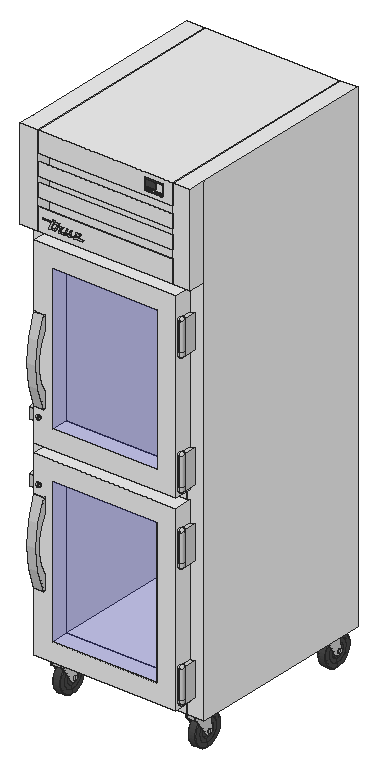
Revit family (continued)
Automatic sketch dimensions
  level to Extrusion 28 sketch curve = 2.18736"  (x2)
  Extrusion 28 sketch curve to Extrusion 28 sketch curve = 1.7492"
  Extrusion 28 sketch curve to Extrusion 28 sketch curve = 0.50669"  (x2)
  Extrusion 28 sketch curve to Extrusion 28 sketch curve = 2 1/2"
  level to Extrusion 28 sketch curve = 2.59003"
  Extrusion 28 sketch curve to Extrusion 28 sketch curve = 0.59966"  (x2)
  plane 1 "BACK" to Extrusion 28 sketch curve = 3.8577"
  plane 1 "BACK" to Extrusion 28 sketch curve = 1.8585"
  plane 1 "BACK" to Extrusion 28 sketch curve = 1.1077"
  Extrusion 28 sketch curve to Extrusion 28 sketch curve = 0.32905"
  Extrusion 28 sketch curve to Extrusion 28 sketch curve = 0.60485"  (x2)
  Revolve 29 sketch curve to plane 7 = 0.62954"
  Revolve 29 sketch curve to plane 4 "RIGHT" = 4.14082"
  Revolve 29 sketch curve to Revolve 29 sketch curve = 1.29707"
  Revolve 29 sketch curve to Revolve 29 sketch curve = 0"
  Revolve 29 sketch curve to Revolve 29 sketch curve = 0.10278"
  Revolve 29 sketch curve to plane 7 = 0.00141"
  plane 7 to Revolve 29 sketch curve = 0.26768"
  Revolve 30 sketch curve to level = 0"
  Revolve 30 sketch curve to plane 7 = 0"
  Revolve 30 sketch curve to plane 4 "RIGHT" = 4.17713"
  level to Revolve 30 sketch curve = 1"
  Revolve 30 sketch curve to plane 4 "RIGHT" = 3 19/32"
  Revolve 30 sketch curve to Revolve 30 sketch curve = 1/4"
  Revolve 30 sketch curve to Revolve 30 sketch curve = 1/2"
  Revolve 30 sketch curve to Revolve 30 sketch curve = 0"
  Revolve 30 sketch curve to Revolve 30 sketch curve = 5/8"
  plane 7 to Revolve 30 sketch curve = 1 25/32"
  Revolve 31 sketch curve to level = 0"
  Revolve 31 sketch curve to plane 7 = 0"
  Revolve 31 sketch curve to plane 4 "RIGHT" = 4.17713"
  level to Revolve 31 sketch curve = 1"
  Revolve 31 sketch curve to plane 4 "RIGHT" = 3 19/32"
  Revolve 31 sketch curve to Revolve 31 sketch curve = 1/4"
  Revolve 31 sketch curve to Revolve 31 sketch curve = 1/2"
  Revolve 31 sketch curve to Revolve 31 sketch curve = 0"
  Revolve 31 sketch curve to Revolve 31 sketch curve = 5/8"
  plane 7 to Revolve 31 sketch curve = 1 25/32"
  Revolve 32 sketch curve to plane 7 = 0.62954"
  Revolve 32 sketch curve to plane 4 "RIGHT" = 4.14082"
  Revolve 32 sketch curve to Revolve 32 sketch curve = 1.29707"
  Revolve 32 sketch curve to Revolve 32 sketch curve = 0"
  Revolve 32 sketch curve to Revolve 32 sketch curve = 0.10278"
  Revolve 32 sketch curve to plane 7 = 0.00141"
  plane 7 to Revolve 32 sketch curve = 0.26768"
  Extrusion 33 sketch curve to plane 7 = 0.63926"  (x2)
  Extrusion 33 sketch curve to plane 5 "FRONT" = 3.79864"
  Extrusion 33 sketch curve to Extrusion 33 sketch curve = 1/4"  (x2)
  Extrusion 33 sketch curve to Extrusion 33 sketch curve = 2 1/2"
  Extrusion 33 sketch curve to plane 7 = 0.93273"  (x2)
  Extrusion 33 sketch curve to Extrusion 33 sketch curve = 0.03603"
  plane 1 "BACK" to Extrusion 33 sketch curve = 3.8577"
  Extrusion 33 sketch curve to plane 7 = 1.24411"
  plane 1 "BACK" to Extrusion 33 sketch curve = 1.1077"
  Revolve 34 sketch curve to plane 4 "RIGHT" = 4.35148"
  Revolve 34 sketch curve to Revolve 34 sketch curve = 0.48273"
  Revolve 34 sketch curve to Revolve 34 sketch curve = 0.4"
  Revolve 34 sketch curve to Revolve 34 sketch curve = 0"  (x2)
  Revolve 34 sketch curve to Revolve 34 sketch curve = 0.1"  (x2)
  Revolve 34 sketch curve to Revolve 34 sketch curve = 0.16101"
  Revolve 34 sketch curve to Revolve 34 sketch curve = 0.75408"
  Revolve 34 sketch curve to Revolve 34 sketch curve = 0.92798"
  Revolve 34 sketch curve to Revolve 34 sketch curve = 0.06101"
  Revolve 34 sketch curve to Revolve 34 sketch curve = 1/2"
  Revolve 34 sketch curve to Revolve 34 sketch curve = 0.16509"
  Revolve 34 sketch curve to Revolve 34 sketch curve = 0.39592"
  level to Revolve 34 sketch curve = 2 1/2"
  Revolve 34 sketch curve to Revolve 34 sketch curve = 0.29941"  (x2)
  Revolve 34 sketch curve to Revolve 34 sketch curve = 3/4"  (x4)
  Revolve 34 sketch curve to Revolve 34 sketch curve = 0.59652"
  Revolve 34 sketch curve to Revolve 34 sketch curve = 0.60059"
  plane 3 "LEFT" to Revolve 35 sketch curve = 1.33602"
  Revolve 35 sketch curve to Revolve 35 sketch curve = 0.48273"
  Revolve 35 sketch curve to plane 8 = 5/8"  (x2)
  Revolve 35 sketch curve to Revolve 35 sketch curve = 0.1"  (x2)
  Revolve 35 sketch curve to Revolve 35 sketch curve = 0.16101"
  plane 8 to Revolve 35 sketch curve = 0.12908"
  plane 8 to Revolve 35 sketch curve = 0.46399"
  plane 8 to Revolve 35 sketch curve = 0.525"
  Revolve 35 sketch curve to Revolve 35 sketch curve = 1/2"
  Revolve 35 sketch curve to Revolve 35 sketch curve = 0.16509"
  Revolve 35 sketch curve to Revolve 35 sketch curve = 0.39592"
  level to Revolve 35 sketch curve = 2 1/2"
  Revolve 35 sketch curve to Revolve 35 sketch curve = 0"
  Revolve 35 sketch curve to Revolve 35 sketch curve = 0.29941"  (x2)
  Revolve 35 sketch curve to Revolve 35 sketch curve = 3/4"  (x4)
  Revolve 35 sketch curve to Revolve 35 sketch curve = 0.59652"
  Revolve 35 sketch curve to Revolve 35 sketch curve = 0.60059"
  Extrusion 36 sketch curve to plane 7 = 0.63926"  (x2)
  Extrusion 36 sketch curve to plane 5 "FRONT" = 3.79864"
  Extrusion 36 sketch curve to Extrusion 36 sketch curve = 1/4"  (x2)
  level to Extrusion 36 sketch curve = 2.18736"  (x2)
  Extrusion 36 sketch curve to Extrusion 36 sketch curve = 1.7492"
  Extrusion 36 sketch curve to Extrusion 36 sketch curve = 0.50669"  (x2)
  Extrusion 36 sketch curve to Extrusion 36 sketch curve = 2 1/2"
  level to Extrusion 36 sketch curve = 2.59003"
  Extrusion 36 sketch curve to Extrusion 36 sketch curve = 0.59966"  (x2)
  plane 1 "BACK" to Extrusion 36 sketch curve = 3.8577"
  plane 1 "BACK" to Extrusion 36 sketch curve = 1.8585"
  plane 1 "BACK" to Extrusion 36 sketch curve = 1.1077"
  Extrusion 36 sketch curve to Extrusion 36 sketch curve = 0.32905"
  Extrusion 36 sketch curve to Extrusion 36 sketch curve = 0.60485"  (x2)
  Extrusion 37 sketch curve to plane 7 = 0.63926"  (x2)
  Extrusion 37 sketch curve to plane 5 "FRONT" = 3.79864"
  Extrusion 37 sketch curve to Extrusion 37 sketch curve = 1/4"  (x2)
  level to Extrusion 37 sketch curve = 2.18736"  (x2)
  Extrusion 37 sketch curve to Extrusion 37 sketch curve = 1.7492"
  Extrusion 37 sketch curve to Extrusion 37 sketch curve = 0.50669"  (x2)
  Extrusion 37 sketch curve to Extrusion 37 sketch curve = 2 1/2"
  level to Extrusion 37 sketch curve = 2.59003"
  Extrusion 37 sketch curve to Extrusion 37 sketch curve = 0.59966"  (x2)
  plane 1 "BACK" to Extrusion 37 sketch curve = 3.8577"
  plane 1 "BACK" to Extrusion 37 sketch curve = 1.8585"
  plane 1 "BACK" to Extrusion 37 sketch curve = 1.1077"
  Extrusion 37 sketch curve to Extrusion 37 sketch curve = 0.32905"
  Extrusion 37 sketch curve to Extrusion 37 sketch curve = 0.60485"  (x2)
  Revolve 38 sketch curve to plane 8 = 0"  (x2)
  Revolve 38 sketch curve to plane 7 = 0.62954"
  Revolve 38 sketch curve to plane 8 = 1.29707"
  Revolve 38 sketch curve to Revolve 38 sketch curve = 0.10278"
  Revolve 38 sketch curve to plane 7 = 0.00141"
  plane 7 to Revolve 38 sketch curve = 0.26768"
  Revolve 39 sketch curve to level = 0"
  Revolve 39 sketch curve to plane 8 = 0"  (x2)
  Revolve 39 sketch curve to plane 8 = 1/2"
  Revolve 39 sketch curve to Revolve 39 sketch curve = 1/4"
  Revolve 39 sketch curve to plane 7 = 0"
  Revolve 39 sketch curve to plane 8 = 1.33338"
  level to Revolve 39 sketch curve = 1"
  Revolve 39 sketch curve to Revolve 39 sketch curve = 5/8"
  plane 7 to Revolve 39 sketch curve = 1 25/32"
  Revolve 40 sketch curve to level = 0"
  Revolve 40 sketch curve to plane 8 = 0"  (x2)
  Revolve 40 sketch curve to plane 8 = 1/2"
  Revolve 40 sketch curve to Revolve 40 sketch curve = 1/4"
  Revolve 40 sketch curve to plane 7 = 0"
  Revolve 40 sketch curve to plane 8 = 1.33338"
  level to Revolve 40 sketch curve = 1"
  Revolve 40 sketch curve to Revolve 40 sketch curve = 5/8"
  plane 7 to Revolve 40 sketch curve = 1 25/32"
  Revolve 41 sketch curve to plane 8 = 0"  (x2)
  Revolve 41 sketch curve to plane 7 = 0.62954"
  Revolve 41 sketch curve to plane 8 = 1.29707"
  Revolve 41 sketch curve to Revolve 41 sketch curve = 0.10278"
  Revolve 41 sketch curve to plane 7 = 0.00141"
  plane 7 to Revolve 41 sketch curve = 0.26768"
  Extrusion 42 sketch curve to plane 7 = 0.63926"  (x2)
  Extrusion 42 sketch curve to plane 5 "FRONT" = 3.79864"
  Extrusion 42 sketch curve to Extrusion 42 sketch curve = 1/4"  (x2)
  Extrusion 42 sketch curve to Extrusion 42 sketch curve = 2 1/2"
  Extrusion 42 sketch curve to plane 7 = 0.93273"  (x2)
  Extrusion 42 sketch curve to Extrusion 42 sketch curve = 0.03603"
  plane 1 "BACK" to Extrusion 42 sketch curve = 3.8577"
  Extrusion 42 sketch curve to plane 7 = 1.24411"
  plane 1 "BACK" to Extrusion 42 sketch curve = 1.1077"
  plane 3 "LEFT" to Revolve 43 sketch curve = 1.33602"
  Revolve 43 sketch curve to Revolve 43 sketch curve = 0.48273"
  Revolve 43 sketch curve to plane 8 = 5/8"  (x2)
  Revolve 43 sketch curve to Revolve 43 sketch curve = 0.1"  (x2)
  Revolve 43 sketch curve to Revolve 43 sketch curve = 0.16101"
  plane 8 to Revolve 43 sketch curve = 0.12908"
  plane 8 to Revolve 43 sketch curve = 0.46399"
  plane 8 to Revolve 43 sketch curve = 0.525"
  Revolve 43 sketch curve to Revolve 43 sketch curve = 1/2"
  Revolve 43 sketch curve to Revolve 43 sketch curve = 0.16509"
  Revolve 43 sketch curve to Revolve 43 sketch curve = 0.39592"
  level to Revolve 43 sketch curve = 2 1/2"
  Revolve 43 sketch curve to Revolve 43 sketch curve = 0"
  Revolve 43 sketch curve to Revolve 43 sketch curve = 0.29941"  (x2)
  Revolve 43 sketch curve to Revolve 43 sketch curve = 3/4"  (x4)
  Revolve 43 sketch curve to Revolve 43 sketch curve = 0.59652"
  Revolve 43 sketch curve to Revolve 43 sketch curve = 0.60059"
  plane 5 "FRONT" to Extrusion 44 sketch curve = 0"
  Extrusion 44 sketch curve to plane 8 = 9/16"
  Extrusion 44 sketch curve to plane 4 "RIGHT" = 2 9/32"
  plane 8 to Extrusion 45 sketch curve = 2 7/16"  (x2)
  Extrusion 45 sketch curve to plane 4 "RIGHT" = 5 9/32"  (x2)
  plane 7 to Extrusion 45 sketch curve = 4 29/32"
  Extrusion 45 sketch curve to Extrusion 45 sketch curve = 23 7/32"
  Extrusion 45 sketch curve to Extrusion 45 sketch curve = 7 1/2"
  Extrusion 45 sketch curve to plane 6 "TOP" = 19 5/32"
  Extrusion 46 sketch curve to plane 8 = 0"
  Extrusion 46 sketch curve to plane 5 "FRONT" = 5.09023"
  Extrusion 47 sketch curve to plane 8 = 0"
  plane 1 "BACK" to Extrusion 47 sketch curve = 2.69102"
  Extrusion 48 sketch curve to plane 4 "RIGHT" = 2 27/32"
  plane 1 "BACK" to Extrusion 48 sketch curve = 2.69102"
  Extrusion 49 sketch curve to plane 4 "RIGHT" = 2 27/32"
  Extrusion 49 sketch curve to plane 5 "FRONT" = 5.09023"
  plane 5 "FRONT" to Extrusion 51 sketch curve = 0.2"  (x2)
  plane 5 "FRONT" to Extrusion 51 sketch curve = 0"  (x2)
  Extrusion 51 sketch curve to plane 5 "FRONT" = 7.77899"
  Extrusion 51 sketch curve to Extrusion 51 sketch curve = 7.30945"
  plane 7 to Extrusion 51 sketch curve = 11.69792"
  Extrusion 51 sketch curve to Extrusion 51 sketch curve = 2.4"
  Extrusion 51 sketch curve to Extrusion 51 sketch curve = 4.4"
  Extrusion 51 sketch curve to Extrusion 51 sketch curve = 0"
  plane 8 to Extrusion 52 sketch curve = 0.1984"
  plane 8 to Extrusion 52 sketch curve = 7/32"
  Extrusion 52 sketch curve to Extrusion 52 sketch curve = 0.0555"
  plane 7 to Extrusion 52 sketch curve = 26.53865"
  Extrusion 52 sketch curve to Extrusion 52 sketch curve = 0.27385"
  Extrusion 52 sketch curve to Extrusion 52 sketch curve = 0.29355"
  Blend 53 sketch curve to plane 8 = 9/16"  (x2)
  Blend 53 sketch curve to Blend 53 sketch curve = 3/4"
  plane 7 to Blend 53 sketch curve = 27.75831"
  Blend 53 sketch curve to Blend 53 sketch curve = 1 3/4"
  Blend 53 sketch curve to Blend 53 sketch curve = 0.93223"
  plane 7 to Blend 53 sketch curve = 28.3559"
  Blend 53 sketch curve to Blend 53 sketch curve = 2.78233"
  Extrusion 3 sketch curve to plane 9 = 0"  (x4)
  plane 9 to Extrusion 3 sketch curve = 2.7042"  (x2)
  Extrusion 3 sketch curve to plane 6 "TOP" = 0"
  plane 9 to Extrusion 3 sketch curve = 2.2042"
  Extrusion 3 sketch curve to Extrusion 3 sketch curve = 0"  (x3)
  Extrusion 3 sketch curve to Extrusion 3 sketch curve = 1/2"
  Extrusion 3 sketch curve to Extrusion 3 sketch curve = 1"  (x2)
  plane 1 "BACK" to Extrusion 3 sketch curve = 2"
  plane 1 "BACK" to Extrusion 3 sketch curve = 0"
  Extrusion 3 sketch curve to plane 6 "TOP" = 3.34422"
  Extrusion 3 sketch curve to Extrusion 3 sketch curve = 1.12227"  (x2)
  Extrusion 3 sketch curve to Extrusion 3 sketch curve = 0.445"
  Extrusion 3 sketch curve to Extrusion 3 sketch curve = 2.13371"  (x2)
  Extrusion 3 sketch curve to Extrusion 3 sketch curve = 0.96076"  (x2)
  Extrusion 3 sketch curve to Extrusion 3 sketch curve = 2.0962"  (x2)
  Extrusion 3 sketch curve to Extrusion 3 sketch curve = 1.27557"  (x2)
  Extrusion 3 sketch curve to Extrusion 3 sketch curve = 2 1/8"
  Extrusion 3 sketch curve to Extrusion 3 sketch curve = 2 1/2"  (x2)
  Extrusion 3 sketch curve to Extrusion 3 sketch curve = 27 15/16"
  plane 7 to Extrusion 3 sketch curve = 2 29/32"
  Extrusion 3 sketch curve to plane 7 = 0"
  plane 1 "BACK" to curve 1 = 0"
  curve 1 to plane 3 "LEFT" = 0"
  plane 5 "FRONT" to curve 23 = 0"
  curve 1 to plane 4 "RIGHT" = 0"
  plane 3 "LEFT" to curve 12 = 1.20097"
  plane 3 "LEFT" to curve 8 = 1.20097"
  curve 23 to plane 8 = 9/16"
  curve 23 to curve 25 = 0.19347"
  curve 8 to plane 8 = 11/32"
  curve 13 to plane 8 = 11/32"
  plane 8 to curve 7 = 0.98222"
  plane 1 "BACK" to curve 11 = 0.4208"
  plane 8 to curve 11 = 0.98222"
  plane 8 to curve 24 = 1.13097"
  curve 15 to plane 4 "RIGHT" = 5.39157"
  curve 20 to plane 4 "RIGHT" = 5.29782"
  curve 15 to curve 17 = 1.29904"
  curve 19 to curve 20 = 1.29904"
  plane 1 "BACK" to curve 14 = 0.4208"
  curve 14 to plane 4 "RIGHT" = 2.76657"
  curve 19 to plane 4 "RIGHT" = 2.67282"
  curve 22 to plane 4 "RIGHT" = 2 9/32"
  curve 24 to curve 24 = 1.64405"
  curve 26 to curve 25 = 0.2"
  curve 5 to plane 5 "FRONT" = 2 1/4"
  curve 21 to plane 5 "FRONT" = 3.92849"
  curve 5 to curve 9 = 1.78257"
  curve 20 to curve 20 = 3/4"
  curve 8 to curve 7 = 3/4"
  curve 13 to curve 10 = 5.29663"
  curve 16 to curve 14 = 5.29663"
  Extrusion 6 sketch curve to plane 8 = 9/16"  (x2)
  plane 8 to Extrusion 6 sketch curve = 2 7/16"  (x2)
  Extrusion 6 sketch curve to Extrusion 6 sketch curve = 3 3/32"
  Extrusion 6 sketch curve to plane 4 "RIGHT" = 5 9/32"
  Extrusion 6 sketch curve to Extrusion 6 sketch curve = 0"
  Extrusion 6 sketch curve to plane 6 "TOP" = 16 5/32"
  Extrusion 6 sketch curve to Extrusion 6 sketch curve = 3"  (x3)
  Extrusion 6 sketch curve to Extrusion 6 sketch curve = 1 1/2"
  plane 7 to Extrusion 6 sketch curve = 4 29/32"
  plane 7 to Extrusion 6 sketch curve = 1 29/32"
  Extrusion 6 sketch curve to Extrusion 6 sketch curve = 23 7/32"
  plane 5 "FRONT" to Extrusion 50 sketch curve = 0"
  Extrusion 50 sketch curve to plane 8 = 9/16"
  Extrusion 50 sketch curve to plane 4 "RIGHT" = 2 9/32"
  radius of Extrusion 8 sketch curve = 0.35"
  radius of Extrusion 12 sketch curve = 1/4"
  radius of Extrusion 46 sketch curve = 1 1/2"
  radius of Extrusion 47 sketch curve = 1 1/2"
  radius of Extrusion 48 sketch curve = 1 1/2"
  radius of Extrusion 49 sketch curve = 1 1/2"
  radius of Extrusion 52 sketch curve = 0.35"
Connectors (in)
  electrical at (24.25, -0.0625, 82), driven by "Volts", driven by "Watts"
    settings: on Extrusion 12, index 1, voltage 208 V, apparent load 1500 VA, apparent load phase1 0 VA, apparent load phase2 0 VA, apparent load phase3 0 VA, power factor 1, load classification "Other", number of poles 1, system type 30, power factor state 1, is connector primary yes, connector utility no, sub classification motor no, connector description "Electrical Connection"
